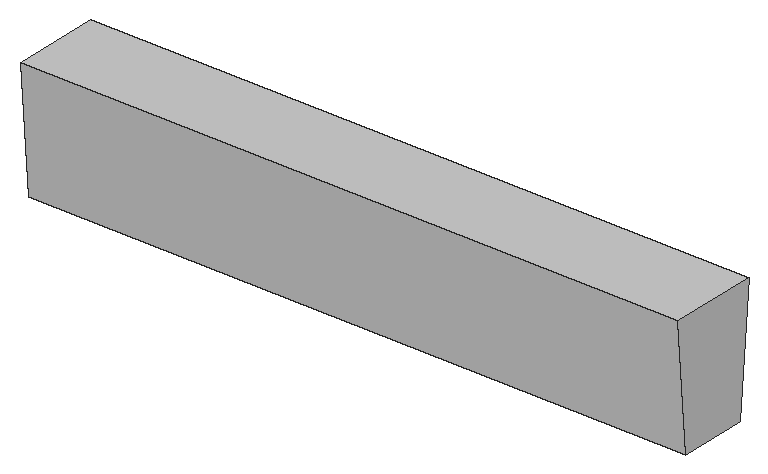
Revit family
Parameters (values of type "125 x 350")
  변단면 오른쪽 치수 [instance] = if(변단면 오른쪽, 1, 0) * (h - 슬래브 두께) / 12  # 19.167 mm
  변단면 오른쪽 = yes
  변단면 왼쪽 치수 [instance] = if(변단면 왼쪽, 1, 0) * (h - 슬래브 두께) / 12  # 19.167 mm
  변단면 왼쪽 = yes
  슬래브 두께 [instance] = 120 mm
  보 재료 [instance] = 콘크리트 - 현장타설 콘크리트
  Assembly Code = "B10"
  Length [instance] = 1500 mm
  b = 125 mm
  h = 350 mm
Types (13, lengths in mm): name | 변단면 오른쪽 치수 | 변단면 왼쪽 치수 | b | h
  (no name) | 19.167 | 19.167 | 125 | 350
  125 x 350 | 19.167 | 19.167 | 125 | 350
  150 x 350 | 19.167 | 19.167 | 150 | 350
  150 x 400 | 23.333 | 23.333 | 150 | 400
  150 x 500 | 31.667 | 31.667 | 150 | 500
  150 x 600 | 40 | 40 | 150 | 600
  175 x 350 | 19.167 | 19.167 | 175 | 350
  175 x 400 | 23.333 | 23.333 | 175 | 400
  175 x 500 | 31.667 | 31.667 | 175 | 500
  175 x 600 | 40 | 40 | 175 | 600
  200 x 400 | 23.333 | 23.333 | 200 | 400
  200 x 500 | 31.667 | 31.667 | 200 | 500
  200 x 600 | 40 | 40 | 200 | 600
Reference planes
  plane 1 "중심(앞/뒤)": y = 0
  plane 2: z = 0
  plane 3 "중심(왼쪽/오른쪽)": x = 4.61
  plane 4 "왼쪽 부재": x = -604.99
  plane 5 "오른쪽 부재": x = 614.21
  plane 6: y = 62.5
  plane 7: y = -62.5
  plane 8 "슬래브 상단": z = 175
  plane 9 "하단": z = -175
  plane 10 "왼쪽": x = -757.39
  plane 11 "오른쪽": x = 742.61
  plane 12: y = -81.667
  plane 13: y = 81.667
  plane 14 "조이스트 상단": z = 55
Forms (mm)
  Sweep 1, solid, material "콘크리트 - 현장타설 콘크리트" <- "보 재료"
    path origin (0, 0, 0) x (1, 0, 0) y (0, 1, 0)
      loop
        line (614.21, 0) -> (-604.99, 0)
    profile origin (4.61, 0, 0) x (0, -1, 0) y (0, 0, 1)
      loop
        line (-81.667, 55) -> (-62.5, -175) -> (62.5, -175) -> (81.667, 55) -> (-81.667, 55)
Dimensions and locks
  "b": plane 6 to plane 7
  equal spacing: plane 9 "하단", plane 2, plane 8 "슬래브 상단"
  equal spacing: plane 6, plane 1 "중심(앞/뒤)", plane 7
  "h": plane 9 "하단" to plane 8 "슬래브 상단"
  "Length": plane 10 "왼쪽" to plane 11 "오른쪽"
  "변단면 오른쪽 치수": plane 7 to plane 12
  "변단면 왼쪽 치수": plane 13 to plane 6
  "슬래브 두께": plane 8 "슬래브 상단" to plane 14 "조이스트 상단"
  locked: level to plane 2 at 0
  aligned and locked: Sweep 1 sketch curve to plane 1 "중심(앞/뒤)"
  aligned and locked: plane 4 "왼쪽 부재" to Sweep 1 sketch curve
  aligned and locked: plane 5 "오른쪽 부재" to Sweep 1 sketch curve
  aligned and locked: Sweep 1 sketch curve to plane 14 "조이스트 상단"
  aligned and locked: Sweep 1 sketch curve to plane 9 "하단"
  aligned and locked: plane 12 to Sweep 1 sketch curve
  aligned and locked: plane 7 to Sweep 1 sketch curve
  aligned and locked: plane 6 to Sweep 1 sketch curve
  aligned and locked: plane 13 to Sweep 1 sketch curve
  aligned and locked: plane 14 "조이스트 상단" to Sweep 1
  aligned and locked: plane 9 "하단" to Sweep 1
